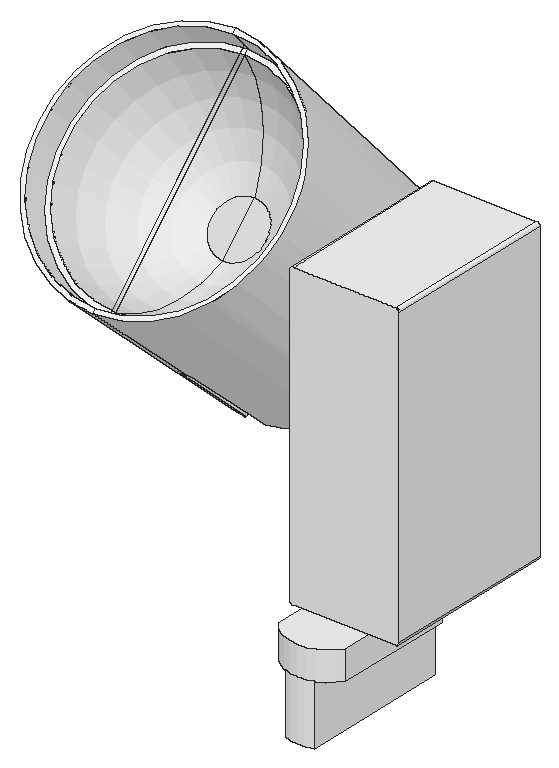
Revit family "0004878 Feilo Sylvania Lighting Fixture START TRACK SPOT L 35W 4K RA90 MB WHITE", category Lighting Fixtures, host Face, Revit 2017
Family settings
  Host = Face
  Round Connector Dimension = Use Diameter
  Part Type = Normal
  OmniClass Number = 23.80.70.00
  OmniClass Title = Lighting
  Cut with Voids When Loaded = No
  Light Source = No
  Shared = No
  Room Calculation Point = No
Parameters (values of type "0004878 START TRACK SPOT L 35W 4K RA90 MB WHITE")
  Weight = "1.368 kg"
  Wattage Comments = ""
  WarrantyStartDate [instance] = "n/a"
  WarrantyGuarantorParts = "n/a"
  WarrantyDurationUnit = "n/a"
  WarrantyDurationParts = "n/a"
  WarrantyDescription = "n/a"
  Voltage = 230 V
  URL = "http://www.sylvania-lighting.com"
  TypeName = "START TRACK SPOT L 35W 4K RA90 MB WHITE"
  TypeHead_FEILO = Start Track Spot Head : 0004878 START TRACK SPOT L 35W 4K RA90 MB WHITE
  TypeBox_FEILO = Start Track Spot Box : Type Large White
  Type Image = <None>
  Type Comments = "n/a"
  VerticalRotation_FEILO [instance] = 0.00°
  SlideEndAngle_FEILO [instance] = VerticalRotation_FEILO + 180.00°  # 180.00°
  SerialNumber [instance] = "n/a"
  Material_3_FEILO = none
  PowerFactor = 0.93
  PowerConsumption = "35 W"
  NominalLength = 0 mm
  NominalHeight = 240 mm
  NominalDepth = 164 mm
  Name = "START TRACK SPOT L 35W 4K RA90 MB WHITE"
  ModelReference = Name  # "START TRACK SPOT L 35W 4K RA90 MB WHITE"
  ModelNumber = "0004878"
  Model = Name  # "START TRACK SPOT L 35W 4K RA90 MB WHITE"
  Material = "adc12 aluminium housing, polycarbonate diffuser"
  ManufacturerName = "Feilo Sylvania"
  Manufacturer = "Feilo Sylvania"
  LuminousEfficacy = "103 lm/W"
  LuminaireType = ""
  LightOutputRatio = "100"
  LampsType = Lamp  # "LED"
  LampNominalLuminous = "3616 lm"
  LampMacAdamStep = "3"
  LampColourTemperature = "4000 K"
  LampColourRenderingIndex = "90"
  Lamp = "LED"
  Keynote = "16500"
  InstallationDate [instance] = "n/a"
  InputVoltage = "230-240V~"
  InputNominalFrequency = "50/60 Hz"
  IngressProtection = "IP20"
  ImpactProtectionIndex = "IK02"
  IfcExportType = "IfcLightFixtureType"
  IfcExportAs = "IfcLightFixtureType"
  HorizontalRotation_FEILO [instance] = 45.00°
  ExpectedLife = 50000
  ElectricShockClassification = "Class II"
  DurationUnit = "hours"
  DocumentationLiterature = "http://www.sylvania-lighting.com/product/en-int/products/0004878"
  DimmingControlOptions = "Non dimmable"
  Material_2_FEILO = none
  Description = "Integrated LED spotlight, Textured White - RAL9016, compact and minimalist design, ideal for retail applications, die-cast aluminium body, passive cooling heatsink. Beam angle: 38°, color temperature: 4000K , total system power: 35W, total fixture output: 3616 lm, LOR: 100%, colour rendering: Ra: 90 typical, LED Chromaticity: 3 step MacAdam ellipse, lifetime: >50000 hours at L70B50, energy class: A++, A+, A, IR/UV free light source without heat radiation, operating voltage: 220-240V / 50-60Hz, drive current: 900mA, electronic driver, non-dimmable, power factor: 0.93, electrical protection: Class II, Global Track 3 Phase adapter suitable for Global trac 3-circuit tracks, ingress protection rating: IP20, suitable for internal environment only, horizontal rotation: 355°, vertical tilt: 90°, dimensions: Ø113x164x240, weight: 1.368kg."
  Default Elevation = 1219.2 mm
  CreatedOn = "12/12/2017"
  CreatedBy = ""
  Cost = 0
  built-in parameter 1114216 [instance] = (empty or 0)
  ClassificationValue = "EF_70_80"
  ClassificationName = "Uniclass2015"
  Material_1_FEILO = Body-Sylvania-StartTrackSpot-White
  BarCode [instance] = "n/a"
  AssetType = "Fixed"
  AssetIdentifier [instance] = "n/a"
  Assembly Code = "D5020200"
  Apparent Load = 35 VA
  Material_4_FEILO = none
Reference planes
  plane 1 "Center (Front/Back)": y = 0
  plane 2: z = 0
  plane 3 "Center (Left/Right)": x = 0
  plane 4: x = 15
  plane 5: x = -15
  plane 6: y = 35
  plane 7: y = -35
  plane 8: z = 13
  plane 9: z = -27
  plane 10: x = 6.5
  plane 11: x = -6.5
  plane 12: y = 27
  plane 13: y = -27
  plane 14: y = 20
Forms (mm)
  Extrusion 1, solid, material "Body-Sylvania-StartTrackSpot-White" <- "Material_1_FEILO"
    sketch origin (0, 0, 0) x (1, 0, 0) y (0, 1, 0)
      loop
        line (-15, 27) -> (-15, -27)
        arc (-15, -27) -> (0, -35) -> (15, -27) r 18.062
        line (15, -27) -> (15, 27)
        arc (15, 27) -> (0, 35) -> (-15, 27) r 18.062
    from 0 to 13
  Extrusion 2, solid, material "Body-Sylvania-StartTrackSpot-White" <- "Material_1_FEILO"
    sketch origin (0, 0, 0) x (1, 0, 0) y (0, 1, 0)
      loop
        arc (6.5, 33.79) -> (0, 35) -> (-6.5, 33.79) r 18.062
        line (-6.5, 33.79) -> (-6.5, -33.79)
        arc (-6.5, -33.79) -> (0, -35) -> (6.5, -33.79) r 18.062
        line (6.5, -33.79) -> (6.5, 33.79)
    from 0 to -27
  Revolve 3, solid, not visible
    sketch origin (1524, 20, 1219.2) x (1, 0, 0) y (0, 0, 1)
      loop
        line (-1524, -1206.2) -> (-1524, -1191.285) -> (-1530.5, -1191.285) -> (-1530.5, -1206.2) -> (-1524, -1206.2)
      axis (-1524, -1191.285) -> (-1524, -1206.2)
    angle from 0 <- "VerticalRotation_FEILO" to 180 <- "SlideEndAngle_FEILO"
Cuts and joins
  joined: Extrusion 1, Extrusion 2
Dimensions and locks
  equal spacing: plane 10, plane 3 "Center (Left/Right)", plane 11
  equal spacing: plane 4, plane 3 "Center (Left/Right)", plane 5
  locked: plane 8 to plane 2 at 13
  locked: plane 8 to plane 9 at 40
  equal spacing: plane 13, plane 1 "Center (Front/Back)", plane 12
  locked: plane 12 to plane 6 at 8
  locked: plane 14 to plane 6 at 15
  locked: Revolve 3 sketch curve to plane 8 at 14.915
  aligned and locked: plane 2 to host face
  aligned and locked: level to host face
  aligned and locked: plane 5 to Extrusion 1 sketch curve  (x2)
  aligned and locked: plane 12 to Extrusion 1 sketch curve
  aligned and locked: plane 13 to Extrusion 1 sketch curve
  aligned and locked: plane 4 to Extrusion 1 sketch curve
  aligned and locked: Extrusion 1 to plane 8
  aligned and locked: Extrusion 1 to level
  aligned and locked: Extrusion 2 sketch curve to Extrusion 1  (x2)
  aligned and locked: Extrusion 2 sketch curve to plane 11
  aligned and locked: plane 10 to Extrusion 2 sketch curve
  aligned and locked: plane 9 to Extrusion 2
  aligned and locked: level to Extrusion 2
  aligned and locked: Revolve 3 sketch curve to plane 3 "Center (Left/Right)"  (x2)
  aligned and locked: plane 11 to Revolve 3 sketch curve
  aligned and locked: Revolve 3 sketch curve to plane 8
Automatic sketch dimensions
  host sketch curve to host sketch curve = 2438.4 mm  (x2)
  Extrusion 1 sketch curve to plane 3 "Center (Left/Right)" = 0 mm  (x2)
  Extrusion 1 sketch curve to plane 13 = 10.062 mm
  plane 12 to Extrusion 1 sketch curve = 10.062 mm
  Revolve 3 sketch curve to plane 3 "Center (Left/Right)" = 0 mm
  plane 9 to Revolve 3 sketch curve = 582.6 mm
  Revolve 3 sketch curve to Revolve 3 sketch curve = 2581.144 mm
Nested families
  nested 1: "Start Track Spot Head" at (-75.5, 20, 133) x (0, 0.7071, 0.7071) z (0, 0.7071, -0.7071), type <- "TypeHead_FEILO", type "0004878 START TRACK SPOT L 35W 4K RA90 MB WHITE"
    with built-in parameter 1114216 (empty or 0)
  nested 2: "Start Track Spot Box" at (8.5, 20, 85) x (-1, 0, 0) z (0, -1, 0), BoxStartAngle_FEILO <- "HorizontalRotation_FEILO", type <- "TypeBox_FEILO", type "Type Large White"
    with BoxStartAngle_FEILO 45.00°, BoxEndAngle_FEILO -135.00°
Connectors
  electrical at (0, 0, 0), driven by "Apparent Load", driven by "PowerFactor", driven by "Voltage"
    settings: index 1, voltage 230 V, apparent load 35 VA, apparent load phase1 0 VA, apparent load phase2 0 VA, apparent load phase3 0 VA, power factor 0.93, load classification "Lighting", number of poles 1, system type 30, power factor state 1, is connector primary yes, connector utility no, sub classification motor no, connector description ""
Definition of nested family "Start Track Spot Head"
  Parameters (values of type "0004811 START TRACK SPOT S 14W 3K RA80 NB WHITE")
    Wattage Comments = "n/a"
    Wattage = 14 W
    built-in parameter 1150110 = 1 (stored number, unit not read)
    URL = "http://www.feilosylvania.com"
    Type Image = (empty or 0)
    Type Comments = "n/a"
    built-in parameter 1114217 = 1 (stored number, unit not read)
    Tilt Angle = -90.00°
    built-in parameter 1150109 = 1 (stored number, unit not read)
    built-in parameter 1150134 = (empty or 0)
    built-in parameter 1150113 = 1 (stored number, unit not read)
    Photometric Web File = "0004811.ies"
    Material_3_FEILO = none
    Model = "START TRACK SPOT S 14W 3K RA80 NB WHITE"
    Manufacturer = "Feilo Sylvania"
    built-in parameter 1150105 = 123.66 (stored number, unit not read)
    Lumens = 1554 lm
    built-in parameter 1150115 = 1 (stored number, unit not read)
    built-in parameter 1150137 = (empty or 0)
    built-in parameter 1150139 = (empty or 0)
    built-in parameter 1150112 = 1 (stored number, unit not read)
    built-in parameter 1150114 = 1 (stored number, unit not read)
    Lamp = "LED"
    Keynote = "16500"
    Material_2_FEILO = none
    built-in parameter 1150132 = (empty or 0)
    built-in parameter 1150102 = (empty or 0)
    built-in parameter 1150107 = 3000 (stored number, unit not read)
    built-in parameter 1150138 = (empty or 0)
    built-in parameter 1150106 = 1.2366 (stored number, unit not read)
    HeadThickness_FEILO = if(HeadDiaOut_FEILO > 112 mm, 2 mm, 1.5 mm)  # 1.5 mm
    HeadRibOffset_FEILO = HeadHeight_FEILO / 28  # 4.179 mm
    HeadRibDepth_FEILO = HeadHeight_FEILO / 2.1  # 55.714 mm
    HeadRibCutWidth_FEILO = HeadDiaOut_FEILO / 12  # 7.167 mm
    HeadRibCutOffset_FEILO = HeadHeight_FEILO / 2.3  # 50.87 mm
    HeadReflectorRadius_FEILO = HeadDiaOut_FEILO / 1.7  # 50.588 mm
    HeadReflectorOffset_FEILO = HeadHeight_FEILO / 2.1  # 55.714 mm
    HeadLEDRadius_FEILO = HeadDiaOut_FEILO / 9  # 9.556 mm
    HeadHeight_FEILO = 117 mm
    HeadDraft_FEILO = 1 mm
    HeadDiffusorThickness_FEILO = 3 mm
    HeadDiffusorOffset_FEILO = HeadHeight_FEILO / 12.4  # 9.435 mm
    HeadDiaOut_FEILO = 86 mm
    HeadDiaIn_FEILO = HeadDiaOut_FEILO / 1.11  # 77.477 mm
    HeadAxisFromTop_FEILO = HeadHeight_FEILO / 1.687  # 69.354 mm
    Emit from Circle Diameter = HeadDiaIn_FEILO  # 77.477 mm
    Emit Shape Visible in Rendering = no
    built-in parameter 1150104 = 10.312 (stored number, unit not read)
    Dimming Lamp Color Temperature Shift = (empty or 0)
    Description = "Integrated LED spotlight, Textured White - RAL9016, compact and minimalist design, ideal for retail applications, die-cast aluminium body, passive cooling heatsink. Beam angle: 12°, color temperature: 3000K , total system power: 14W, total fixture output: 1551 lm, LOR: 100%, colour rendering: Ra: 80 typical, LED Chromaticity: 3 step MacAdam ellipse, lifetime: >50000 hours at L70B50, energy class: A++, A+, A, IR/UV free light source without heat radiation, operating voltage: 220-240V / 50-60Hz, drive current: 350mA, electronic driver, non-dimmable, power factor: 0.92, electrical protection: Class II, Global Track 3 Phase adapter suitable for Global trac 3-circuit tracks, ingress protection rating: IP20, suitable for internal environment only, horizontal rotation: 355°, vertical tilt: 90°, dimensions: Ø86x140x200, weight: 0.940kg."
    Default Elevation = 1219.2 mm
    Cost = 0
    Color Filter = 16777215
    built-in parameter 1114216 [instance] = (empty or 0)
    Material_1_FEILO = none
    built-in parameter 1114218 = 1 (stored number, unit not read)
    built-in parameter 1150133 = 10 (stored number, unit not read)
    Assembly Code = "D5020200"
    Apparent Load = 14 VA
    Material_4_FEILO = none
  Types (96, lengths in mm): name | Wattage | built-in parameter 1150134 | Photometric Web File | Model | built-in parameter 1150105 | Lumens | built-in parameter 1150107 | built-in parameter 1150106 | HeadThickness_FEILO | HeadRibOffset_FEILO | HeadRibDepth_FEILO | HeadRibCutWidth_FEILO | HeadRibCutOffset_FEILO | HeadReflectorRadius_FEILO | HeadReflectorOffset_FEILO | HeadLEDRadius_FEILO | HeadHeight_FEILO | HeadDiffusorOffset_FEILO | HeadDiaOut_FEILO | HeadDiaIn_FEILO | HeadAxisFromTop_FEILO | Emit from Circle Diameter | built-in parameter 1150104 | Description | Apparent Load
    0004906 START TRACK SPOT L 55W 4K RA90 WB BLACK | 55 W | 12 | "0004906.ies" | "START TRACK SPOT L 55W 4K RA90 WB BLACK" | 385.15 (stored number, unit not read) | 4840 lm | 4000 (stored number, unit not read) | 3.8515 (stored number, unit not read) | 2 | 4.429 | 59.048 | 9.417 | 53.913 | 66.471 | 59.048 | 12.556 | 124 | 10 | 113 | 101.802 | 73.503 | 101.802 | 8.1755 (stored number, unit not read) | "Integrated LED spotlight, Textured Black - RAL9005, compact and minimalist design, ideal for retail applications, die-cast aluminium body, passive cooling heatsink. Beam angle: 52°, color temperature: 4000K , total system power: 55W, total fixture output: 4824 lm, LOR: 100%, colour rendering: Ra: 90 typical, LED Chromaticity: 3 step MacAdam ellipse, lifetime: >50000 hours at L70B50, energy class: A++, A+, A, IR/UV free light source without heat radiation, operating voltage: 220-240V / 50-60Hz, drive current: 1400mA, electronic driver, non-dimmable, power factor: 0.96, electrical protection: Class II, Global Track 3 Phase adapter suitable for Global trac 3-circuit tracks, ingress protection rating: IP20, suitable for internal environment only, horizontal rotation: 355°, vertical tilt: 90°, dimensions: Ø113x164x240, weight: 1.398kg." | 55 VA
    0004905 START TRACK SPOT L 55W 4K RA90 MB BLACK | 55 W | 12 | "0004905.ies" | "START TRACK SPOT L 55W 4K RA90 MB BLACK" | 389.53 (stored number, unit not read) | 4895 lm | 4000 (stored number, unit not read) | 3.8953 (stored number, unit not read) | 2 | 4.429 | 59.048 | 9.417 | 53.913 | 66.471 | 59.048 | 12.556 | 124 | 10 | 113 | 101.802 | 73.503 | 101.802 | 8.2684 (stored number, unit not read) | "Integrated LED spotlight, Textured Black - RAL9005, compact and minimalist design, ideal for retail applications, die-cast aluminium body, passive cooling heatsink. Beam angle: 38°, color temperature: 4000K , total system power: 55W, total fixture output: 4897 lm, LOR: 100%, colour rendering: Ra: 90 typical, LED Chromaticity: 3 step MacAdam ellipse, lifetime: >50000 hours at L70B50, energy class: A++, A+, A, IR/UV free light source without heat radiation, operating voltage: 220-240V / 50-60Hz, drive current: 1400mA, electronic driver, non-dimmable, power factor: 0.96, electrical protection: Class II, Global Track 3 Phase adapter suitable for Global trac 3-circuit tracks, ingress protection rating: IP20, suitable for internal environment only, horizontal rotation: 355°, vertical tilt: 90°, dimensions: Ø113x164x240, weight: 1.398kg." | 55 VA
    0004904 START TRACK SPOT L 55W 4K RA90 NB BLACK | 55 W | 12 | "0004904.ies" | "START TRACK SPOT L 55W 4K RA90 NB BLACK" | 393.91 (stored number, unit not read) | 4950 lm | 4000 (stored number, unit not read) | 3.9391 (stored number, unit not read) | 2 | 4.429 | 59.048 | 9.417 | 53.913 | 66.471 | 59.048 | 12.556 | 124 | 10 | 113 | 101.802 | 73.503 | 101.802 | 8.3613 (stored number, unit not read) | "Integrated LED spotlight, Textured Black - RAL9005, compact and minimalist design, ideal for retail applications, die-cast aluminium body, passive cooling heatsink. Beam angle: 15°, color temperature: 4000K , total system power: 55W, total fixture output: 4965 lm, LOR: 100%, colour rendering: Ra: 90 typical, LED Chromaticity: 3 step MacAdam ellipse, lifetime: >50000 hours at L70B50, energy class: A++, A+, A, IR/UV free light source without heat radiation, operating voltage: 220-240V / 50-60Hz, drive current: 1400mA, electronic driver, non-dimmable, power factor: 0.96, electrical protection: Class II, Global Track 3 Phase adapter suitable for Global trac 3-circuit tracks, ingress protection rating: IP20, suitable for internal environment only, horizontal rotation: 355°, vertical tilt: 90°, dimensions: Ø113x164x240, weight: 1.398kg." | 55 VA
    0004903 START TRACK SPOT L 35W 4K RA90 WB BLACK | 35 W | 12 | "0004903.ies" | "START TRACK SPOT L 35W 4K RA90 WB BLACK" | 284.09 (stored number, unit not read) | 3570 lm | 4000 (stored number, unit not read) | 2.8409 (stored number, unit not read) | 2 | 4.429 | 59.048 | 9.417 | 53.913 | 66.471 | 59.048 | 12.556 | 124 | 10 | 113 | 101.802 | 73.503 | 101.802 | 9.4761 (stored number, unit not read) | "Integrated LED spotlight, Textured Black - RAL9005, compact and minimalist design, ideal for retail applications, die-cast aluminium body, passive cooling heatsink. Beam angle: 52°, color temperature: 4000K , total system power: 35W, total fixture output: 3562 lm, LOR: 100%, colour rendering: Ra: 90 typical, LED Chromaticity: 3 step MacAdam ellipse, lifetime: >50000 hours at L70B50, energy class: A++, A+, A, IR/UV free light source without heat radiation, operating voltage: 220-240V / 50-60Hz, drive current: 900mA, electronic driver, non-dimmable, power factor: 0.93, electrical protection: Class II, Global Track 3 Phase adapter suitable for Global trac 3-circuit tracks, ingress protection rating: IP20, suitable for internal environment only, horizontal rotation: 355°, vertical tilt: 90°, dimensions: Ø113x164x240, weight: 1.368kg." | 35 VA
    0004902 START TRACK SPOT L 35W 4K RA90 MB BLACK | 35 W | 12 | "0004902.ies" | "START TRACK SPOT L 35W 4K RA90 MB BLACK" | 286.88 (stored number, unit not read) | 3605 lm | 4000 (stored number, unit not read) | 2.8688 (stored number, unit not read) | 2 | 4.429 | 59.048 | 9.417 | 53.913 | 66.471 | 59.048 | 12.556 | 124 | 10 | 113 | 101.802 | 73.503 | 101.802 | 9.569 (stored number, unit not read) | "Integrated LED spotlight, Textured Black - RAL9005, compact and minimalist design, ideal for retail applications, die-cast aluminium body, passive cooling heatsink. Beam angle: 38°, color temperature: 4000K , total system power: 35W, total fixture output: 3616 lm, LOR: 100%, colour rendering: Ra: 90 typical, LED Chromaticity: 3 step MacAdam ellipse, lifetime: >50000 hours at L70B50, energy class: A++, A+, A, IR/UV free light source without heat radiation, operating voltage: 220-240V / 50-60Hz, drive current: 900mA, electronic driver, non-dimmable, power factor: 0.93, electrical protection: Class II, Global Track 3 Phase adapter suitable for Global trac 3-circuit tracks, ingress protection rating: IP20, suitable for internal environment only, horizontal rotation: 355°, vertical tilt: 90°, dimensions: Ø113x164x240, weight: 1.368kg." | 35 VA
    0004901 START TRACK SPOT L 35W 4K RA90 NB BLACK | 35 W | 12 | "0004901.ies" | "START TRACK SPOT L 35W 4K RA90 NB BLACK" | 286.88 (stored number, unit not read) | 3605 lm | 4000 (stored number, unit not read) | 2.8688 (stored number, unit not read) | 2 | 4.429 | 59.048 | 9.417 | 53.913 | 66.471 | 59.048 | 12.556 | 124 | 10 | 113 | 101.802 | 73.503 | 101.802 | 9.569 (stored number, unit not read) | "Integrated LED spotlight, Textured Black - RAL9005, compact and minimalist design, ideal for retail applications, die-cast aluminium body, passive cooling heatsink. Beam angle: 15°, color temperature: 4000K , total system power: 35W, total fixture output: 3593 lm, LOR: 100%, colour rendering: Ra: 90 typical, LED Chromaticity: 3 step MacAdam ellipse, lifetime: >50000 hours at L70B50, energy class: A++, A+, A, IR/UV free light source without heat radiation, operating voltage: 220-240V / 50-60Hz, drive current: 900mA, electronic driver, non-dimmable, power factor: 0.93, electrical protection: Class II, Global Track 3 Phase adapter suitable for Global trac 3-circuit tracks, ingress protection rating: IP20, suitable for internal environment only, horizontal rotation: 355°, vertical tilt: 90°, dimensions: Ø113x164x240, weight: 1.368kg." | 35 VA
    0004900 START TRACK SPOT S 24W 4K RA90 WB BLACK | 24 W | 12 | "0004900.ies" | "START TRACK SPOT S 24W 4K RA90 WB BLACK" | 166.16 (stored number, unit not read) | 2088 lm | 4000 (stored number, unit not read) | 1.6616 (stored number, unit not read) | 1.5 | 4.179 | 55.714 | 7.167 | 50.87 | 50.588 | 55.714 | 9.556 | 117 | 9.435 | 86 | 77.477 | 69.354 | 77.477 | 8.0826 (stored number, unit not read) | "Integrated LED spotlight, Textured Black - RAL9005, compact and minimalist design, ideal for retail applications, die-cast aluminium body, passive cooling heatsink. Beam angle: 64°, color temperature: 4000K , total system power: 24W, total fixture output: 2087 lm, LOR: 100%, colour rendering: Ra: 90 typical, LED Chromaticity: 3 step MacAdam ellipse, lifetime: >50000 hours at L70B50, energy class: A++, A+, A, IR/UV free light source without heat radiation, operating voltage: 220-240V / 50-60Hz, drive current: 600mA, electronic driver, non-dimmable, power factor: 0.95, electrical protection: Class II, Global Track 3 Phase adapter suitable for Global trac 3-circuit tracks, ingress protection rating: IP20, suitable for internal environment only, horizontal rotation: 355°, vertical tilt: 90°, dimensions: Ø86x140x200, weight: 0.966kg." | 24 VA
    0004899 START TRACK SPOT S 24W 4K RA90 MB BLACK | 24 W | 12 | "0004899.ies" | "START TRACK SPOT S 24W 4K RA90 MB BLACK" | 169.98 (stored number, unit not read) | 2136 lm | 4000 (stored number, unit not read) | 1.6998 (stored number, unit not read) | 1.5 | 4.179 | 55.714 | 7.167 | 50.87 | 50.588 | 55.714 | 9.556 | 117 | 9.435 | 86 | 77.477 | 69.354 | 77.477 | 8.2684 (stored number, unit not read) | "Integrated LED spotlight, Textured Black - RAL9005, compact and minimalist design, ideal for retail applications, die-cast aluminium body, passive cooling heatsink. Beam angle: 36°, color temperature: 4000K , total system power: 24W, total fixture output: 2141 lm, LOR: 100%, colour rendering: Ra: 90 typical, LED Chromaticity: 3 step MacAdam ellipse, lifetime: >50000 hours at L70B50, energy class: A++, A+, A, IR/UV free light source without heat radiation, operating voltage: 220-240V / 50-60Hz, drive current: 600mA, electronic driver, non-dimmable, power factor: 0.95, electrical protection: Class II, Global Track 3 Phase adapter suitable for Global trac 3-circuit tracks, ingress protection rating: IP20, suitable for internal environment only, horizontal rotation: 355°, vertical tilt: 90°, dimensions: Ø86x140x200, weight: 0.966kg." | 24 VA
    0004898 START TRACK SPOT S 24W 4K RA90 NB BLACK | 24 W | 12 | "0004898.ies" | "START TRACK SPOT S 24W 4K RA90 NB BLACK" | 171.89 (stored number, unit not read) | 2160 lm | 4000 (stored number, unit not read) | 1.7189 (stored number, unit not read) | 1.5 | 4.179 | 55.714 | 7.167 | 50.87 | 50.588 | 55.714 | 9.556 | 117 | 9.435 | 86 | 77.477 | 69.354 | 77.477 | 8.3613 (stored number, unit not read) | "Integrated LED spotlight, Textured Black - RAL9005, compact and minimalist design, ideal for retail applications, die-cast aluminium body, passive cooling heatsink. Beam angle: 12°, color temperature: 4000K , total system power: 24W, total fixture output: 2155 lm, LOR: 100%, colour rendering: Ra: 90 typical, LED Chromaticity: 3 step MacAdam ellipse, lifetime: >50000 hours at L70B50, energy class: A++, A+, A, IR/UV free light source without heat radiation, operating voltage: 220-240V / 50-60Hz, drive current: 600mA, electronic driver, non-dimmable, power factor: 0.95, electrical protection: Class II, Global Track 3 Phase adapter suitable for Global trac 3-circuit tracks, ingress protection rating: IP20, suitable for internal environment only, horizontal rotation: 355°, vertical tilt: 90°, dimensions: Ø86x140x200, weight: 0.966kg." | 24 VA
    0004897 START TRACK SPOT S 14W 4K RA90 WB BLACK | 14 W | 12 | "0004897.ies" | "START TRACK SPOT S 14W 4K RA90 WB BLACK" | 108.07 (stored number, unit not read) | 1358 lm | 4000 (stored number, unit not read) | 1.0807 (stored number, unit not read) | 1.5 | 4.179 | 55.714 | 7.167 | 50.87 | 50.588 | 55.714 | 9.556 | 117 | 9.435 | 86 | 77.477 | 69.354 | 77.477 | 9.0116 (stored number, unit not read) | "Integrated LED spotlight, Textured Black - RAL9005, compact and minimalist design, ideal for retail applications, die-cast aluminium body, passive cooling heatsink. Beam angle: 64°, color temperature: 4000K , total system power: 14W, total fixture output: 1352 lm, LOR: 100%, colour rendering: Ra: 90 typical, LED Chromaticity: 3 step MacAdam ellipse, lifetime: >50000 hours at L70B50, energy class: A++, A+, A, IR/UV free light source without heat radiation, operating voltage: 220-240V / 50-60Hz, drive current: 350mA, electronic driver, non-dimmable, power factor: 0.92, electrical protection: Class II, Global Track 3 Phase adapter suitable for Global trac 3-circuit tracks, ingress protection rating: IP20, suitable for internal environment only, horizontal rotation: 355°, vertical tilt: 90°, dimensions: Ø86x140x200, weight: 0.940kg." | 14 VA
    0004896 START TRACK SPOT S 14W 4K RA90 MB BLACK | 14 W | 12 | "0004896.ies" | "START TRACK SPOT S 14W 4K RA90 MB BLACK" | 108.07 (stored number, unit not read) | 1358 lm | 4000 (stored number, unit not read) | 1.0807 (stored number, unit not read) | 1.5 | 4.179 | 55.714 | 7.167 | 50.87 | 50.588 | 55.714 | 9.556 | 117 | 9.435 | 86 | 77.477 | 69.354 | 77.477 | 9.0116 (stored number, unit not read) | "Integrated LED spotlight, Textured Black - RAL9005, compact and minimalist design, ideal for retail applications, die-cast aluminium body, passive cooling heatsink. Beam angle: 36°, color temperature: 4000K , total system power: 14W, total fixture output: 1359 lm, LOR: 100%, colour rendering: Ra: 90 typical, LED Chromaticity: 3 step MacAdam ellipse, lifetime: >50000 hours at L70B50, energy class: A++, A+, A, IR/UV free light source without heat radiation, operating voltage: 220-240V / 50-60Hz, drive current: 350mA, electronic driver, non-dimmable, power factor: 0.92, electrical protection: Class II, Global Track 3 Phase adapter suitable for Global trac 3-circuit tracks, ingress protection rating: IP20, suitable for internal environment only, horizontal rotation: 355°, vertical tilt: 90°, dimensions: Ø86x140x200, weight: 0.940kg." | 14 VA
    0004895 START TRACK SPOT S 14W 4K RA90 NB BLACK | 14 W | 12 | "0004895.ies" | "START TRACK SPOT S 14W 4K RA90 NB BLACK" | 106.95 (stored number, unit not read) | 1344 lm | 4000 (stored number, unit not read) | 1.0695 (stored number, unit not read) | 1.5 | 4.179 | 55.714 | 7.167 | 50.87 | 50.588 | 55.714 | 9.556 | 117 | 9.435 | 86 | 77.477 | 69.354 | 77.477 | 8.9187 (stored number, unit not read) | "Integrated LED spotlight, Textured Black - RAL9005, compact and minimalist design, ideal for retail applications, die-cast aluminium body, passive cooling heatsink. Beam angle: 12°, color temperature: 4000K , total system power: 14W, total fixture output: 1349 lm, LOR: 100%, colour rendering: Ra: 90 typical, LED Chromaticity: 3 step MacAdam ellipse, lifetime: >50000 hours at L70B50, energy class: A++, A+, A, IR/UV free light source without heat radiation, operating voltage: 220-240V / 50-60Hz, drive current: 350mA, electronic driver, non-dimmable, power factor: 0.92, electrical protection: Class II, Global Track 3 Phase adapter suitable for Global trac 3-circuit tracks, ingress protection rating: IP20, suitable for internal environment only, horizontal rotation: 355°, vertical tilt: 90°, dimensions: Ø86x140x200, weight: 0.940kg." | 14 VA
    0004894 START TRACK SPOT L 55W 3K RA90 WB BLACK | 55 W | (empty or 0) | "0004894.ies" | "START TRACK SPOT L 55W 3K RA90 WB BLACK" | 350.14 (stored number, unit not read) | 4400 lm | 3000 (stored number, unit not read) | 3.5014 (stored number, unit not read) | 2 | 4.429 | 59.048 | 9.417 | 53.913 | 66.471 | 59.048 | 12.556 | 124 | 10 | 113 | 101.802 | 73.503 | 101.802 | 7.4322 (stored number, unit not read) | "Integrated LED spotlight, Textured Black - RAL9005, compact and minimalist design, ideal for retail applications, die-cast aluminium body, passive cooling heatsink. Beam angle: 52°, color temperature: 3000K , total system power: 55W, total fixture output: 4405 lm, LOR: 100%, colour rendering: Ra: 90 typical, LED Chromaticity: 3 step MacAdam ellipse, lifetime: >50000 hours at L70B50, energy class: A++, A+, A, IR/UV free light source without heat radiation, operating voltage: 220-240V / 50-60Hz, drive current: 1400mA, electronic driver, non-dimmable, power factor: 0.96, electrical protection: Class II, Global Track 3 Phase adapter suitable for Global trac 3-circuit tracks, ingress protection rating: IP20, suitable for internal environment only, horizontal rotation: 355°, vertical tilt: 90°, dimensions: Ø113x164x240, weight: 1.398kg." | 55 VA
    0004893 START TRACK SPOT L 55W 3K RA90 MB BLACK | 55 W | (empty or 0) | "0004893.ies" | "START TRACK SPOT L 55W 3K RA90 MB BLACK" | 354.52 (stored number, unit not read) | 4455 lm | 3000 (stored number, unit not read) | 3.5452 (stored number, unit not read) | 2 | 4.429 | 59.048 | 9.417 | 53.913 | 66.471 | 59.048 | 12.556 | 124 | 10 | 113 | 101.802 | 73.503 | 101.802 | 7.5251 (stored number, unit not read) | "Integrated LED spotlight, Textured Black - RAL9005, compact and minimalist design, ideal for retail applications, die-cast aluminium body, passive cooling heatsink. Beam angle: 38°, color temperature: 3000K , total system power: 55W, total fixture output: 4448 lm, LOR: 100%, colour rendering: Ra: 90 typical, LED Chromaticity: 3 step MacAdam ellipse, lifetime: >50000 hours at L70B50, energy class: A++, A+, A, IR/UV free light source without heat radiation, operating voltage: 220-240V / 50-60Hz, drive current: 1400mA, electronic driver, non-dimmable, power factor: 0.96, electrical protection: Class II, Global Track 3 Phase adapter suitable for Global trac 3-circuit tracks, ingress protection rating: IP20, suitable for internal environment only, horizontal rotation: 355°, vertical tilt: 90°, dimensions: Ø113x164x240, weight: 1.398kg." | 55 VA
    0004892 START TRACK SPOT L 55W 3K RA90 NB BLACK | 55 W | (empty or 0) | "0004892.ies" | "START TRACK SPOT L 55W 3K RA90 NB BLACK" | 350.14 (stored number, unit not read) | 4400 lm | 3000 (stored number, unit not read) | 3.5014 (stored number, unit not read) | 2 | 4.429 | 59.048 | 9.417 | 53.913 | 66.471 | 59.048 | 12.556 | 124 | 10 | 113 | 101.802 | 73.503 | 101.802 | 7.4322 (stored number, unit not read) | "Integrated LED spotlight, Textured Black - RAL9005, compact and minimalist design, ideal for retail applications, die-cast aluminium body, passive cooling heatsink. Beam angle: 15°, color temperature: 3000K , total system power: 55W, total fixture output: 4416 lm, LOR: 100%, colour rendering: Ra: 90 typical, LED Chromaticity: 3 step MacAdam ellipse, lifetime: >50000 hours at L70B50, energy class: A++, A+, A, IR/UV free light source without heat radiation, operating voltage: 220-240V / 50-60Hz, drive current: 1400mA, electronic driver, non-dimmable, power factor: 0.96, electrical protection: Class II, Global Track 3 Phase adapter suitable for Global trac 3-circuit tracks, ingress protection rating: IP20, suitable for internal environment only, horizontal rotation: 355°, vertical tilt: 90°, dimensions: Ø113x164x240, weight: 1.398kg." | 55 VA
    0004891 START TRACK SPOT L 35W 3K RA90 WB BLACK | 35 W | (empty or 0) | "0004891.ies" | "START TRACK SPOT L 35W 3K RA90 WB BLACK" | 259.02 (stored number, unit not read) | 3255 lm | 3000 (stored number, unit not read) | 2.5902 (stored number, unit not read) | 2 | 4.429 | 59.048 | 9.417 | 53.913 | 66.471 | 59.048 | 12.556 | 124 | 10 | 113 | 101.802 | 73.503 | 101.802 | 8.64 (stored number, unit not read) | "Integrated LED spotlight, Textured Black - RAL9005, compact and minimalist design, ideal for retail applications, die-cast aluminium body, passive cooling heatsink. Beam angle: 52°, color temperature: 3000K , total system power: 35W, total fixture output: 3260 lm, LOR: 100%, colour rendering: Ra: 90 typical, LED Chromaticity: 3 step MacAdam ellipse, lifetime: >50000 hours at L70B50, energy class: A++, A+, A, IR/UV free light source without heat radiation, operating voltage: 220-240V / 50-60Hz, drive current: 900mA, electronic driver, non-dimmable, power factor: 0.93, electrical protection: Class II, Global Track 3 Phase adapter suitable for Global trac 3-circuit tracks, ingress protection rating: IP20, suitable for internal environment only, horizontal rotation: 355°, vertical tilt: 90°, dimensions: Ø113x164x240, weight: 1.368kg." | 35 VA
    0004890 START TRACK SPOT L 35W 3K RA90 MB BLACK | 35 W | (empty or 0) | "0004890.ies" | "START TRACK SPOT L 35W 3K RA90 MB BLACK" | 261.81 (stored number, unit not read) | 3290 lm | 3000 (stored number, unit not read) | 2.6181 (stored number, unit not read) | 2 | 4.429 | 59.048 | 9.417 | 53.913 | 66.471 | 59.048 | 12.556 | 124 | 10 | 113 | 101.802 | 73.503 | 101.802 | 8.7329 (stored number, unit not read) | "Integrated LED spotlight, Textured Black - RAL9005, compact and minimalist design, ideal for retail applications, die-cast aluminium body, passive cooling heatsink. Beam angle: 38°, color temperature: 3000K , total system power: 35W, total fixture output: 3306 lm, LOR: 100%, colour rendering: Ra: 90 typical, LED Chromaticity: 3 step MacAdam ellipse, lifetime: >50000 hours at L70B50, energy class: A++, A+, A, IR/UV free light source without heat radiation, operating voltage: 220-240V / 50-60Hz, drive current: 900mA, electronic driver, non-dimmable, power factor: 0.93, electrical protection: Class II, Global Track 3 Phase adapter suitable for Global trac 3-circuit tracks, ingress protection rating: IP20, suitable for internal environment only, horizontal rotation: 355°, vertical tilt: 90°, dimensions: Ø113x164x240, weight: 1.368kg." | 35 VA
    0004889 START TRACK SPOT L 35W 3K RA90 NB BLACK | 35 W | (empty or 0) | "0004889.ies" | "START TRACK SPOT L 35W 3K RA90 NB BLACK" | 261.81 (stored number, unit not read) | 3290 lm | 3000 (stored number, unit not read) | 2.6181 (stored number, unit not read) | 2 | 4.429 | 59.048 | 9.417 | 53.913 | 66.471 | 59.048 | 12.556 | 124 | 10 | 113 | 101.802 | 73.503 | 101.802 | 8.7329 (stored number, unit not read) | "Integrated LED spotlight, Textured Black - RAL9005, compact and minimalist design, ideal for retail applications, die-cast aluminium body, passive cooling heatsink. Beam angle: 15°, color temperature: 3000K , total system power: 35W, total fixture output: 3287 lm, LOR: 100%, colour rendering: Ra: 90 typical, LED Chromaticity: 3 step MacAdam ellipse, lifetime: >50000 hours at L70B50, energy class: A++, A+, A, IR/UV free light source without heat radiation, operating voltage: 220-240V / 50-60Hz, drive current: 900mA, electronic driver, non-dimmable, power factor: 0.93, electrical protection: Class II, Global Track 3 Phase adapter suitable for Global trac 3-circuit tracks, ingress protection rating: IP20, suitable for internal environment only, horizontal rotation: 355°, vertical tilt: 90°, dimensions: Ø113x164x240, weight: 1.368kg." | 35 VA
    0004888 START TRACK SPOT S 24W 3K RA90 WB BLACK | 24 W | (empty or 0) | "0004888.ies" | "START TRACK SPOT S 24W 3K RA90 WB BLACK" | 152.79 (stored number, unit not read) | 1920 lm | 3000 (stored number, unit not read) | 1.5279 (stored number, unit not read) | 1.5 | 4.179 | 55.714 | 7.167 | 50.87 | 50.588 | 55.714 | 9.556 | 117 | 9.435 | 86 | 77.477 | 69.354 | 77.477 | 7.4322 (stored number, unit not read) | "Integrated LED spotlight, Textured Black - RAL9005, compact and minimalist design, ideal for retail applications, die-cast aluminium body, passive cooling heatsink. Beam angle: 64°, color temperature: 3000K , total system power: 24W, total fixture output: 1928 lm, LOR: 100%, colour rendering: Ra: 90 typical, LED Chromaticity: 3 step MacAdam ellipse, lifetime: >50000 hours at L70B50, energy class: A++, A+, A, IR/UV free light source without heat radiation, operating voltage: 220-240V / 50-60Hz, drive current: 600mA, electronic driver, non-dimmable, power factor: 0.95, electrical protection: Class II, Global Track 3 Phase adapter suitable for Global trac 3-circuit tracks, ingress protection rating: IP20, suitable for internal environment only, horizontal rotation: 355°, vertical tilt: 90°, dimensions: Ø86x140x200, weight: 0.966kg." | 24 VA
    0004887 START TRACK SPOT S 24W 3K RA90 MB BLACK | 24 W | (empty or 0) | "0004887.ies" | "START TRACK SPOT S 24W 3K RA90 MB BLACK" | 154.7 (stored number, unit not read) | 1944 lm | 3000 (stored number, unit not read) | 1.547 (stored number, unit not read) | 1.5 | 4.179 | 55.714 | 7.167 | 50.87 | 50.588 | 55.714 | 9.556 | 117 | 9.435 | 86 | 77.477 | 69.354 | 77.477 | 7.5251 (stored number, unit not read) | "Integrated LED spotlight, Textured Black - RAL9005, compact and minimalist design, ideal for retail applications, die-cast aluminium body, passive cooling heatsink. Beam angle: 36°, color temperature: 3000K , total system power: 24W, total fixture output: 1944 lm, LOR: 100%, colour rendering: Ra: 90 typical, LED Chromaticity: 3 step MacAdam ellipse, lifetime: >50000 hours at L70B50, energy class: A++, A+, A, IR/UV free light source without heat radiation, operating voltage: 220-240V / 50-60Hz, drive current: 600mA, electronic driver, non-dimmable, power factor: 0.95, electrical protection: Class II, Global Track 3 Phase adapter suitable for Global trac 3-circuit tracks, ingress protection rating: IP20, suitable for internal environment only, horizontal rotation: 355°, vertical tilt: 90°, dimensions: Ø86x140x200, weight: 0.966kg." | 24 VA
    0004886 START TRACK SPOT S 24W 3K RA90 NB BLACK | 24 W | (empty or 0) | "0004886.ies" | "START TRACK SPOT S 24W 3K RA90 NB BLACK" | 158.52 (stored number, unit not read) | 1992 lm | 3000 (stored number, unit not read) | 1.5852 (stored number, unit not read) | 1.5 | 4.179 | 55.714 | 7.167 | 50.87 | 50.588 | 55.714 | 9.556 | 117 | 9.435 | 86 | 77.477 | 69.354 | 77.477 | 7.711 (stored number, unit not read) | "Integrated LED spotlight, Textured Black - RAL9005, compact and minimalist design, ideal for retail applications, die-cast aluminium body, passive cooling heatsink. Beam angle: 12°, color temperature: 3000K , total system power: 24W, total fixture output: 1987 lm, LOR: 100%, colour rendering: Ra: 90 typical, LED Chromaticity: 3 step MacAdam ellipse, lifetime: >50000 hours at L70B50, energy class: A++, A+, A, IR/UV free light source without heat radiation, operating voltage: 220-240V / 50-60Hz, drive current: 600mA, electronic driver, non-dimmable, power factor: 0.95, electrical protection: Class II, Global Track 3 Phase adapter suitable for Global trac 3-circuit tracks, ingress protection rating: IP20, suitable for internal environment only, horizontal rotation: 355°, vertical tilt: 90°, dimensions: Ø86x140x200, weight: 0.966kg." | 24 VA
    0004885 START TRACK SPOT S 14W 3K RA90 WB BLACK | 14 W | (empty or 0) | "0004885.ies" | "START TRACK SPOT S 14W 3K RA90 WB BLACK" | 100.27 (stored number, unit not read) | 1260 lm | 3000 (stored number, unit not read) | 1.0027 (stored number, unit not read) | 1.5 | 4.179 | 55.714 | 7.167 | 50.87 | 50.588 | 55.714 | 9.556 | 117 | 9.435 | 86 | 77.477 | 69.354 | 77.477 | 8.3613 (stored number, unit not read) | "Integrated LED spotlight, Textured Black - RAL9005, compact and minimalist design, ideal for retail applications, die-cast aluminium body, passive cooling heatsink. Beam angle: 64°, color temperature: 3000K , total system power: 14W, total fixture output: 1262 lm, LOR: 100%, colour rendering: Ra: 90 typical, LED Chromaticity: 3 step MacAdam ellipse, lifetime: >50000 hours at L70B50, energy class: A++, A+, A, IR/UV free light source without heat radiation, operating voltage: 220-240V / 50-60Hz, drive current: 350mA, electronic driver, non-dimmable, power factor: 0.92, electrical protection: Class II, Global Track 3 Phase adapter suitable for Global trac 3-circuit tracks, ingress protection rating: IP20, suitable for internal environment only, horizontal rotation: 355°, vertical tilt: 90°, dimensions: Ø86x140x200, weight: 0.940kg." | 14 VA
    0004884 START TRACK SPOT S 14W 3K RA90 MB BLACK | 14 W | (empty or 0) | "0004884.ies" | "START TRACK SPOT S 14W 3K RA90 MB BLACK" | 100.27 (stored number, unit not read) | 1260 lm | 3000 (stored number, unit not read) | 1.0027 (stored number, unit not read) | 1.5 | 4.179 | 55.714 | 7.167 | 50.87 | 50.588 | 55.714 | 9.556 | 117 | 9.435 | 86 | 77.477 | 69.354 | 77.477 | 8.3613 (stored number, unit not read) | "Integrated LED spotlight, Textured Black - RAL9005, compact and minimalist design, ideal for retail applications, die-cast aluminium body, passive cooling heatsink. Beam angle: 36°, color temperature: 3000K , total system power: 14W, total fixture output: 1262 lm, LOR: 100%, colour rendering: Ra: 90 typical, LED Chromaticity: 3 step MacAdam ellipse, lifetime: >50000 hours at L70B50, energy class: A++, A+, A, IR/UV free light source without heat radiation, operating voltage: 220-240V / 50-60Hz, drive current: 350mA, electronic driver, non-dimmable, power factor: 0.92, electrical protection: Class II, Global Track 3 Phase adapter suitable for Global trac 3-circuit tracks, ingress protection rating: IP20, suitable for internal environment only, horizontal rotation: 355°, vertical tilt: 90°, dimensions: Ø86x140x200, weight: 0.940kg." | 14 VA
    0004883 START TRACK SPOT S 14W 3K RA90 NB BLACK | 14 W | (empty or 0) | "0004883.ies" | "START TRACK SPOT S 14W 3K RA90 NB BLACK" | 102.5 (stored number, unit not read) | 1288 lm | 3000 (stored number, unit not read) | 1.025 (stored number, unit not read) | 1.5 | 4.179 | 55.714 | 7.167 | 50.87 | 50.588 | 55.714 | 9.556 | 117 | 9.435 | 86 | 77.477 | 69.354 | 77.477 | 8.5471 (stored number, unit not read) | "Integrated LED spotlight, Textured Black - RAL9005, compact and minimalist design, ideal for retail applications, die-cast aluminium body, passive cooling heatsink. Beam angle: 12°, color temperature: 3000K , total system power: 14W, total fixture output: 1284 lm, LOR: 100%, colour rendering: Ra: 90 typical, LED Chromaticity: 3 step MacAdam ellipse, lifetime: >50000 hours at L70B50, energy class: A++, A+, A, IR/UV free light source without heat radiation, operating voltage: 220-240V / 50-60Hz, drive current: 350mA, electronic driver, non-dimmable, power factor: 0.92, electrical protection: Class II, Global Track 3 Phase adapter suitable for Global trac 3-circuit tracks, ingress protection rating: IP20, suitable for internal environment only, horizontal rotation: 355°, vertical tilt: 90°, dimensions: Ø86x140x200, weight: 0.940kg." | 14 VA
    0004882 START TRACK SPOT L 55W 4K RA90 WB WHITE | 55 W | 12 | "0004882.ies" | "START TRACK SPOT L 55W 4K RA90 WB WHITE" | 385.15 (stored number, unit not read) | 4840 lm | 4000 (stored number, unit not read) | 3.8515 (stored number, unit not read) | 2 | 4.429 | 59.048 | 9.417 | 53.913 | 66.471 | 59.048 | 12.556 | 124 | 10 | 113 | 101.802 | 73.503 | 101.802 | 8.1755 (stored number, unit not read) | "Integrated LED spotlight, Textured White - RAL9016, compact and minimalist design, ideal for retail applications, die-cast aluminium body, passive cooling heatsink. Beam angle: 52°, color temperature: 4000K , total system power: 55W, total fixture output: 4824 lm, LOR: 100%, colour rendering: Ra: 90 typical, LED Chromaticity: 3 step MacAdam ellipse, lifetime: >50000 hours at L70B50, energy class: A++, A+, A, IR/UV free light source without heat radiation, operating voltage: 220-240V / 50-60Hz, drive current: 1400mA, electronic driver, non-dimmable, power factor: 0.96, electrical protection: Class II, Global Track 3 Phase adapter suitable for Global trac 3-circuit tracks, ingress protection rating: IP20, suitable for internal environment only, horizontal rotation: 355°, vertical tilt: 90°, dimensions: Ø113x164x240, weight: 1.398kg." | 55 VA
    0004881 START TRACK SPOT L 55W 4K RA90 MB WHITE | 55 W | 12 | "0004881.ies" | "START TRACK SPOT L 55W 4K RA90 MB WHITE" | 389.53 (stored number, unit not read) | 4895 lm | 4000 (stored number, unit not read) | 3.8953 (stored number, unit not read) | 2 | 4.429 | 59.048 | 9.417 | 53.913 | 66.471 | 59.048 | 12.556 | 124 | 10 | 113 | 101.802 | 73.503 | 101.802 | 8.2684 (stored number, unit not read) | "Integrated LED spotlight, Textured White - RAL9016, compact and minimalist design, ideal for retail applications, die-cast aluminium body, passive cooling heatsink. Beam angle: 38°, color temperature: 4000K , total system power: 55W, total fixture output: 4897 lm, LOR: 100%, colour rendering: Ra: 90 typical, LED Chromaticity: 3 step MacAdam ellipse, lifetime: >50000 hours at L70B50, energy class: A++, A+, A, IR/UV free light source without heat radiation, operating voltage: 220-240V / 50-60Hz, drive current: 1400mA, electronic driver, non-dimmable, power factor: 0.96, electrical protection: Class II, Global Track 3 Phase adapter suitable for Global trac 3-circuit tracks, ingress protection rating: IP20, suitable for internal environment only, horizontal rotation: 355°, vertical tilt: 90°, dimensions: Ø113x164x240, weight: 1.398kg." | 55 VA
    0004880 START TRACK SPOT L 55W 4K RA90 NB WHITE | 55 W | 12 | "0004880.ies" | "START TRACK SPOT L 55W 4K RA90 NB WHITE" | 393.91 (stored number, unit not read) | 4950 lm | 4000 (stored number, unit not read) | 3.9391 (stored number, unit not read) | 2 | 4.429 | 59.048 | 9.417 | 53.913 | 66.471 | 59.048 | 12.556 | 124 | 10 | 113 | 101.802 | 73.503 | 101.802 | 8.3613 (stored number, unit not read) | "Integrated LED spotlight, Textured White - RAL9016, compact and minimalist design, ideal for retail applications, die-cast aluminium body, passive cooling heatsink. Beam angle: 15°, color temperature: 4000K , total system power: 55W, total fixture output: 4965 lm, LOR: 100%, colour rendering: Ra: 90 typical, LED Chromaticity: 3 step MacAdam ellipse, lifetime: >50000 hours at L70B50, energy class: A++, A+, A, IR/UV free light source without heat radiation, operating voltage: 220-240V / 50-60Hz, drive current: 1400mA, electronic driver, non-dimmable, power factor: 0.96, electrical protection: Class II, Global Track 3 Phase adapter suitable for Global trac 3-circuit tracks, ingress protection rating: IP20, suitable for internal environment only, horizontal rotation: 355°, vertical tilt: 90°, dimensions: Ø113x164x240, weight: 1.398kg." | 55 VA
    0004879 START TRACK SPOT L 35W 4K RA90 WB WHITE | 35 W | 12 | "0004879.ies" | "START TRACK SPOT L 35W 4K RA90 WB WHITE" | 284.09 (stored number, unit not read) | 3570 lm | 4000 (stored number, unit not read) | 2.8409 (stored number, unit not read) | 2 | 4.429 | 59.048 | 9.417 | 53.913 | 66.471 | 59.048 | 12.556 | 124 | 10 | 113 | 101.802 | 73.503 | 101.802 | 9.4761 (stored number, unit not read) | "Integrated LED spotlight, Textured White - RAL9016, compact and minimalist design, ideal for retail applications, die-cast aluminium body, passive cooling heatsink. Beam angle: 52°, color temperature: 4000K , total system power: 35W, total fixture output: 3562 lm, LOR: 100%, colour rendering: Ra: 90 typical, LED Chromaticity: 3 step MacAdam ellipse, lifetime: >50000 hours at L70B50, energy class: A++, A+, A, IR/UV free light source without heat radiation, operating voltage: 220-240V / 50-60Hz, drive current: 900mA, electronic driver, non-dimmable, power factor: 0.93, electrical protection: Class II, Global Track 3 Phase adapter suitable for Global trac 3-circuit tracks, ingress protection rating: IP20, suitable for internal environment only, horizontal rotation: 355°, vertical tilt: 90°, dimensions: Ø113x164x240, weight: 1.368kg." | 35 VA
    0004878 START TRACK SPOT L 35W 4K RA90 MB WHITE | 35 W | 12 | "0004878.ies" | "START TRACK SPOT L 35W 4K RA90 MB WHITE" | 286.88 (stored number, unit not read) | 3605 lm | 4000 (stored number, unit not read) | 2.8688 (stored number, unit not read) | 2 | 4.429 | 59.048 | 9.417 | 53.913 | 66.471 | 59.048 | 12.556 | 124 | 10 | 113 | 101.802 | 73.503 | 101.802 | 9.569 (stored number, unit not read) | "Integrated LED spotlight, Textured White - RAL9016, compact and minimalist design, ideal for retail applications, die-cast aluminium body, passive cooling heatsink. Beam angle: 38°, color temperature: 4000K , total system power: 35W, total fixture output: 3616 lm, LOR: 100%, colour rendering: Ra: 90 typical, LED Chromaticity: 3 step MacAdam ellipse, lifetime: >50000 hours at L70B50, energy class: A++, A+, A, IR/UV free light source without heat radiation, operating voltage: 220-240V / 50-60Hz, drive current: 900mA, electronic driver, non-dimmable, power factor: 0.93, electrical protection: Class II, Global Track 3 Phase adapter suitable for Global trac 3-circuit tracks, ingress protection rating: IP20, suitable for internal environment only, horizontal rotation: 355°, vertical tilt: 90°, dimensions: Ø113x164x240, weight: 1.368kg." | 35 VA
    0004877 START TRACK SPOT L 35W 4K RA90 NB WHITE | 35 W | 12 | "0004877.ies" | "START TRACK SPOT L 35W 4K RA90 NB WHITE" | 286.88 (stored number, unit not read) | 3605 lm | 4000 (stored number, unit not read) | 2.8688 (stored number, unit not read) | 2 | 4.429 | 59.048 | 9.417 | 53.913 | 66.471 | 59.048 | 12.556 | 124 | 10 | 113 | 101.802 | 73.503 | 101.802 | 9.569 (stored number, unit not read) | "Integrated LED spotlight, Textured White - RAL9016, compact and minimalist design, ideal for retail applications, die-cast aluminium body, passive cooling heatsink. Beam angle: 15°, color temperature: 4000K , total system power: 35W, total fixture output: 3593 lm, LOR: 100%, colour rendering: Ra: 90 typical, LED Chromaticity: 3 step MacAdam ellipse, lifetime: >50000 hours at L70B50, energy class: A++, A+, A, IR/UV free light source without heat radiation, operating voltage: 220-240V / 50-60Hz, drive current: 900mA, electronic driver, non-dimmable, power factor: 0.93, electrical protection: Class II, Global Track 3 Phase adapter suitable for Global trac 3-circuit tracks, ingress protection rating: IP20, suitable for internal environment only, horizontal rotation: 355°, vertical tilt: 90°, dimensions: Ø113x164x240, weight: 1.368kg." | 35 VA
    0004876 START TRACK SPOT S 24W 4K RA90 WB WHITE | 24 W | 12 | "0004876.ies" | "START TRACK SPOT S 24W 4K RA90 WB WHITE" | 166.16 (stored number, unit not read) | 2088 lm | 4000 (stored number, unit not read) | 1.6616 (stored number, unit not read) | 1.5 | 4.179 | 55.714 | 7.167 | 50.87 | 50.588 | 55.714 | 9.556 | 117 | 9.435 | 86 | 77.477 | 69.354 | 77.477 | 8.0826 (stored number, unit not read) | "Integrated LED spotlight, Textured White - RAL9016, compact and minimalist design, ideal for retail applications, die-cast aluminium body, passive cooling heatsink. Beam angle: 64°, color temperature: 4000K , total system power: 24W, total fixture output: 2087 lm, LOR: 100%, colour rendering: Ra: 90 typical, LED Chromaticity: 3 step MacAdam ellipse, lifetime: >50000 hours at L70B50, energy class: A++, A+, A, IR/UV free light source without heat radiation, operating voltage: 220-240V / 50-60Hz, drive current: 600mA, electronic driver, non-dimmable, power factor: 0.95, electrical protection: Class II, Global Track 3 Phase adapter suitable for Global trac 3-circuit tracks, ingress protection rating: IP20, suitable for internal environment only, horizontal rotation: 355°, vertical tilt: 90°, dimensions: Ø86x140x200, weight: 0.966kg." | 24 VA
    0004875 START TRACK SPOT S 24W 4K RA90 MB WHITE | 24 W | 12 | "0004875.ies" | "START TRACK SPOT S 24W 4K RA90 MB WHITE" | 169.98 (stored number, unit not read) | 2136 lm | 4000 (stored number, unit not read) | 1.6998 (stored number, unit not read) | 1.5 | 4.179 | 55.714 | 7.167 | 50.87 | 50.588 | 55.714 | 9.556 | 117 | 9.435 | 86 | 77.477 | 69.354 | 77.477 | 8.2684 (stored number, unit not read) | "Integrated LED spotlight, Textured White - RAL9016, compact and minimalist design, ideal for retail applications, die-cast aluminium body, passive cooling heatsink. Beam angle: 36°, color temperature: 4000K , total system power: 24W, total fixture output: 2141 lm, LOR: 100%, colour rendering: Ra: 90 typical, LED Chromaticity: 3 step MacAdam ellipse, lifetime: >50000 hours at L70B50, energy class: A++, A+, A, IR/UV free light source without heat radiation, operating voltage: 220-240V / 50-60Hz, drive current: 600mA, electronic driver, non-dimmable, power factor: 0.95, electrical protection: Class II, Global Track 3 Phase adapter suitable for Global trac 3-circuit tracks, ingress protection rating: IP20, suitable for internal environment only, horizontal rotation: 355°, vertical tilt: 90°, dimensions: Ø86x140x200, weight: 0.966kg." | 24 VA
    0004874 START TRACK SPOT S 24W 4K RA90 NB WHITE | 24 W | 12 | "0004874.ies" | "START TRACK SPOT S 24W 4K RA90 NB WHITE" | 171.89 (stored number, unit not read) | 2160 lm | 4000 (stored number, unit not read) | 1.7189 (stored number, unit not read) | 1.5 | 4.179 | 55.714 | 7.167 | 50.87 | 50.588 | 55.714 | 9.556 | 117 | 9.435 | 86 | 77.477 | 69.354 | 77.477 | 8.3613 (stored number, unit not read) | "Integrated LED spotlight, Textured White - RAL9016, compact and minimalist design, ideal for retail applications, die-cast aluminium body, passive cooling heatsink. Beam angle: 12°, color temperature: 4000K , total system power: 24W, total fixture output: 2155 lm, LOR: 100%, colour rendering: Ra: 90 typical, LED Chromaticity: 3 step MacAdam ellipse, lifetime: >50000 hours at L70B50, energy class: A++, A+, A, IR/UV free light source without heat radiation, operating voltage: 220-240V / 50-60Hz, drive current: 600mA, electronic driver, non-dimmable, power factor: 0.95, electrical protection: Class II, Global Track 3 Phase adapter suitable for Global trac 3-circuit tracks, ingress protection rating: IP20, suitable for internal environment only, horizontal rotation: 355°, vertical tilt: 90°, dimensions: Ø86x140x200, weight: 0.966kg." | 24 VA
    0004873 START TRACK SPOT S 14W 4K RA90 WB WHITE | 14 W | 12 | "0004873.ies" | "START TRACK SPOT S 14W 4K RA90 WB WHITE" | 108.07 (stored number, unit not read) | 1358 lm | 4000 (stored number, unit not read) | 1.0807 (stored number, unit not read) | 1.5 | 4.179 | 55.714 | 7.167 | 50.87 | 50.588 | 55.714 | 9.556 | 117 | 9.435 | 86 | 77.477 | 69.354 | 77.477 | 9.0116 (stored number, unit not read) | "Integrated LED spotlight, Textured White - RAL9016, compact and minimalist design, ideal for retail applications, die-cast aluminium body, passive cooling heatsink. Beam angle: 64°, color temperature: 4000K , total system power: 14W, total fixture output: 1352 lm, LOR: 100%, colour rendering: Ra: 90 typical, LED Chromaticity: 3 step MacAdam ellipse, lifetime: >50000 hours at L70B50, energy class: A++, A+, A, IR/UV free light source without heat radiation, operating voltage: 220-240V / 50-60Hz, drive current: 350mA, electronic driver, non-dimmable, power factor: 0.92, electrical protection: Class II, Global Track 3 Phase adapter suitable for Global trac 3-circuit tracks, ingress protection rating: IP20, suitable for internal environment only, horizontal rotation: 355°, vertical tilt: 90°, dimensions: Ø86x140x200, weight: 0.940kg." | 14 VA
    0004872 START TRACK SPOT S 14W 4K RA90 MB WHITE | 14 W | 12 | "0004872.ies" | "START TRACK SPOT S 14W 4K RA90 MB WHITE" | 108.07 (stored number, unit not read) | 1358 lm | 4000 (stored number, unit not read) | 1.0807 (stored number, unit not read) | 1.5 | 4.179 | 55.714 | 7.167 | 50.87 | 50.588 | 55.714 | 9.556 | 117 | 9.435 | 86 | 77.477 | 69.354 | 77.477 | 9.0116 (stored number, unit not read) | "Integrated LED spotlight, Textured White - RAL9016, compact and minimalist design, ideal for retail applications, die-cast aluminium body, passive cooling heatsink. Beam angle: 36°, color temperature: 4000K , total system power: 14W, total fixture output: 1359 lm, LOR: 100%, colour rendering: Ra: 90 typical, LED Chromaticity: 3 step MacAdam ellipse, lifetime: >50000 hours at L70B50, energy class: A++, A+, A, IR/UV free light source without heat radiation, operating voltage: 220-240V / 50-60Hz, drive current: 350mA, electronic driver, non-dimmable, power factor: 0.92, electrical protection: Class II, Global Track 3 Phase adapter suitable for Global trac 3-circuit tracks, ingress protection rating: IP20, suitable for internal environment only, horizontal rotation: 355°, vertical tilt: 90°, dimensions: Ø86x140x200, weight: 0.940kg." | 14 VA
    0004871 START TRACK SPOT S 14W 4K RA90 NB WHITE | 14 W | 12 | "0004871.ies" | "START TRACK SPOT S 14W 4K RA90 NB WHITE" | 106.95 (stored number, unit not read) | 1344 lm | 4000 (stored number, unit not read) | 1.0695 (stored number, unit not read) | 1.5 | 4.179 | 55.714 | 7.167 | 50.87 | 50.588 | 55.714 | 9.556 | 117 | 9.435 | 86 | 77.477 | 69.354 | 77.477 | 8.9187 (stored number, unit not read) | "Integrated LED spotlight, Textured White - RAL9016, compact and minimalist design, ideal for retail applications, die-cast aluminium body, passive cooling heatsink. Beam angle: 12°, color temperature: 4000K , total system power: 14W, total fixture output: 1349 lm, LOR: 100%, colour rendering: Ra: 90 typical, LED Chromaticity: 3 step MacAdam ellipse, lifetime: >50000 hours at L70B50, energy class: A++, A+, A, IR/UV free light source without heat radiation, operating voltage: 220-240V / 50-60Hz, drive current: 350mA, electronic driver, non-dimmable, power factor: 0.92, electrical protection: Class II, Global Track 3 Phase adapter suitable for Global trac 3-circuit tracks, ingress protection rating: IP20, suitable for internal environment only, horizontal rotation: 355°, vertical tilt: 90°, dimensions: Ø86x140x200, weight: 0.940kg." | 14 VA
    0004870 START TRACK SPOT L 55W 3K RA90 WB WHITE | 55 W | (empty or 0) | "0004870.ies" | "START TRACK SPOT L 55W 3K RA90 WB WHITE" | 350.14 (stored number, unit not read) | 4400 lm | 3000 (stored number, unit not read) | 3.5014 (stored number, unit not read) | 2 | 4.429 | 59.048 | 9.417 | 53.913 | 66.471 | 59.048 | 12.556 | 124 | 10 | 113 | 101.802 | 73.503 | 101.802 | 7.4322 (stored number, unit not read) | "Integrated LED spotlight, Textured White - RAL9016, compact and minimalist design, ideal for retail applications, die-cast aluminium body, passive cooling heatsink. Beam angle: 52°, color temperature: 3000K , total system power: 55W, total fixture output: 4405 lm, LOR: 100%, colour rendering: Ra: 90 typical, LED Chromaticity: 3 step MacAdam ellipse, lifetime: >50000 hours at L70B50, energy class: A++, A+, A, IR/UV free light source without heat radiation, operating voltage: 220-240V / 50-60Hz, drive current: 1400mA, electronic driver, non-dimmable, power factor: 0.96, electrical protection: Class II, Global Track 3 Phase adapter suitable for Global trac 3-circuit tracks, ingress protection rating: IP20, suitable for internal environment only, horizontal rotation: 355°, vertical tilt: 90°, dimensions: Ø113x164x240, weight: 1.398kg." | 55 VA
    0004869 START TRACK SPOT L 55W 3K RA90 MB WHITE | 55 W | (empty or 0) | "0004869.ies" | "START TRACK SPOT L 55W 3K RA90 MB WHITE" | 354.52 (stored number, unit not read) | 4455 lm | 3000 (stored number, unit not read) | 3.5452 (stored number, unit not read) | 2 | 4.429 | 59.048 | 9.417 | 53.913 | 66.471 | 59.048 | 12.556 | 124 | 10 | 113 | 101.802 | 73.503 | 101.802 | 7.5251 (stored number, unit not read) | "Integrated LED spotlight, Textured White - RAL9016, compact and minimalist design, ideal for retail applications, die-cast aluminium body, passive cooling heatsink. Beam angle: 38°, color temperature: 3000K , total system power: 55W, total fixture output: 4448 lm, LOR: 100%, colour rendering: Ra: 90 typical, LED Chromaticity: 3 step MacAdam ellipse, lifetime: >50000 hours at L70B50, energy class: A++, A+, A, IR/UV free light source without heat radiation, operating voltage: 220-240V / 50-60Hz, drive current: 1400mA, electronic driver, non-dimmable, power factor: 0.96, electrical protection: Class II, Global Track 3 Phase adapter suitable for Global trac 3-circuit tracks, ingress protection rating: IP20, suitable for internal environment only, horizontal rotation: 355°, vertical tilt: 90°, dimensions: Ø113x164x240, weight: 1.398kg." | 55 VA
    0004868 START TRACK SPOT L 55W 3K RA90 NB WHITE | 55 W | (empty or 0) | "0004868.ies" | "START TRACK SPOT L 55W 3K RA90 NB WHITE" | 350.14 (stored number, unit not read) | 4400 lm | 3000 (stored number, unit not read) | 3.5014 (stored number, unit not read) | 2 | 4.429 | 59.048 | 9.417 | 53.913 | 66.471 | 59.048 | 12.556 | 124 | 10 | 113 | 101.802 | 73.503 | 101.802 | 7.4322 (stored number, unit not read) | "Integrated LED spotlight, Textured White - RAL9016, compact and minimalist design, ideal for retail applications, die-cast aluminium body, passive cooling heatsink. Beam angle: 15°, color temperature: 3000K , total system power: 55W, total fixture output: 4416 lm, LOR: 100%, colour rendering: Ra: 90 typical, LED Chromaticity: 3 step MacAdam ellipse, lifetime: >50000 hours at L70B50, energy class: A++, A+, A, IR/UV free light source without heat radiation, operating voltage: 220-240V / 50-60Hz, drive current: 1400mA, electronic driver, non-dimmable, power factor: 0.96, electrical protection: Class II, Global Track 3 Phase adapter suitable for Global trac 3-circuit tracks, ingress protection rating: IP20, suitable for internal environment only, horizontal rotation: 355°, vertical tilt: 90°, dimensions: Ø113x164x240, weight: 1.398kg." | 55 VA
    0004867 START TRACK SPOT L 35W 3K RA90 WB WHITE | 35 W | (empty or 0) | "0004867.ies" | "START TRACK SPOT L 35W 3K RA90 WB WHITE" | 259.02 (stored number, unit not read) | 3255 lm | 3000 (stored number, unit not read) | 2.5902 (stored number, unit not read) | 2 | 4.429 | 59.048 | 9.417 | 53.913 | 66.471 | 59.048 | 12.556 | 124 | 10 | 113 | 101.802 | 73.503 | 101.802 | 8.64 (stored number, unit not read) | "Integrated LED spotlight, Textured White - RAL9016, compact and minimalist design, ideal for retail applications, die-cast aluminium body, passive cooling heatsink. Beam angle: 52°, color temperature: 3000K , total system power: 35W, total fixture output: 3260 lm, LOR: 100%, colour rendering: Ra: 90 typical, LED Chromaticity: 3 step MacAdam ellipse, lifetime: >50000 hours at L70B50, energy class: A++, A+, A, IR/UV free light source without heat radiation, operating voltage: 220-240V / 50-60Hz, drive current: 900mA, electronic driver, non-dimmable, power factor: 0.93, electrical protection: Class II, Global Track 3 Phase adapter suitable for Global trac 3-circuit tracks, ingress protection rating: IP20, suitable for internal environment only, horizontal rotation: 355°, vertical tilt: 90°, dimensions: Ø113x164x240, weight: 1.368kg." | 35 VA
    0004866 START TRACK SPOT L 35W 3K RA90 MB WHITE | 35 W | (empty or 0) | "0004866.ies" | "START TRACK SPOT L 35W 3K RA90 MB WHITE" | 261.81 (stored number, unit not read) | 3290 lm | 3000 (stored number, unit not read) | 2.6181 (stored number, unit not read) | 2 | 4.429 | 59.048 | 9.417 | 53.913 | 66.471 | 59.048 | 12.556 | 124 | 10 | 113 | 101.802 | 73.503 | 101.802 | 8.7329 (stored number, unit not read) | "Integrated LED spotlight, Textured White - RAL9016, compact and minimalist design, ideal for retail applications, die-cast aluminium body, passive cooling heatsink. Beam angle: 38°, color temperature: 3000K , total system power: 35W, total fixture output: 3306 lm, LOR: 100%, colour rendering: Ra: 90 typical, LED Chromaticity: 3 step MacAdam ellipse, lifetime: >50000 hours at L70B50, energy class: A++, A+, A, IR/UV free light source without heat radiation, operating voltage: 220-240V / 50-60Hz, drive current: 900mA, electronic driver, non-dimmable, power factor: 0.93, electrical protection: Class II, Global Track 3 Phase adapter suitable for Global trac 3-circuit tracks, ingress protection rating: IP20, suitable for internal environment only, horizontal rotation: 355°, vertical tilt: 90°, dimensions: Ø113x164x240, weight: 1.368kg." | 35 VA
    0004865 START TRACK SPOT L 35W 3K RA90 NB WHITE | 35 W | (empty or 0) | "0004865.ies" | "START TRACK SPOT L 35W 3K RA90 NB WHITE" | 261.81 (stored number, unit not read) | 3290 lm | 3000 (stored number, unit not read) | 2.6181 (stored number, unit not read) | 2 | 4.429 | 59.048 | 9.417 | 53.913 | 66.471 | 59.048 | 12.556 | 124 | 10 | 113 | 101.802 | 73.503 | 101.802 | 8.7329 (stored number, unit not read) | "Integrated LED spotlight, Textured White - RAL9016, compact and minimalist design, ideal for retail applications, die-cast aluminium body, passive cooling heatsink. Beam angle: 15°, color temperature: 3000K , total system power: 35W, total fixture output: 3287 lm, LOR: 100%, colour rendering: Ra: 90 typical, LED Chromaticity: 3 step MacAdam ellipse, lifetime: >50000 hours at L70B50, energy class: A++, A+, A, IR/UV free light source without heat radiation, operating voltage: 220-240V / 50-60Hz, drive current: 900mA, electronic driver, non-dimmable, power factor: 0.93, electrical protection: Class II, Global Track 3 Phase adapter suitable for Global trac 3-circuit tracks, ingress protection rating: IP20, suitable for internal environment only, horizontal rotation: 355°, vertical tilt: 90°, dimensions: Ø113x164x240, weight: 1.368kg." | 35 VA
